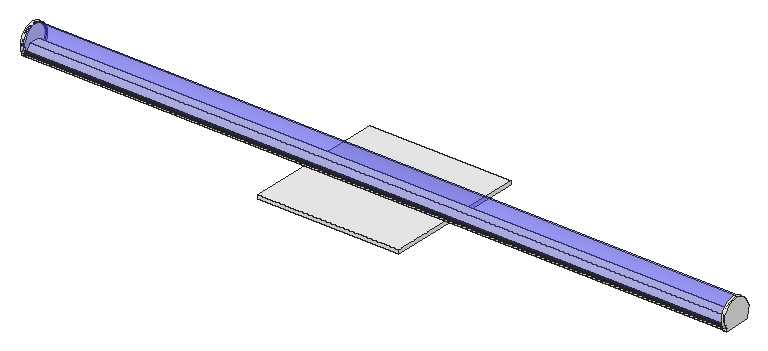
Revit family "BE_50218.1_de_DE", category Leuchten, Revit 2020
Family settings
  Basisbauteil = Fläche
  Bemaßung runder Anschluss = Durchmesser verwenden
  Teiletyp = Normal
  Beim Laden mit Abzugskörper schneiden = Ja
  Lichtquelle = Ja
  Gemeinsam genutzt = Nein
  Raumberechnungspunkt = Ja
Parameters (values of type "BEGA_50218.1_K4")
  built-in parameter 1150104 = 14.939 (stored number, unit not read)
  Wattage = 70.4 W
  Default Elevation = 0 mm
  built-in parameter 1150113 = 1 (stored number, unit not read)
  built-in parameter 1114218 = 1 (stored number, unit not read)
  Umgebungstemperatur = "25 °C"
  URL = "https://www.bega.com/de/produkt/50218.1"
  Typenkommentare = "© 2022 BEGA. Wir behalten uns das Recht vor, technische Änderungen ohne vorherige Ankündigung vorzunehmen."  # constant formula
  built-in parameter 1150134 = 12
  built-in parameter 1150109 = 1 (stored number, unit not read)
  Strom = ""
  built-in parameter 1150110 = 1 (stored number, unit not read)
  Spannung = 239.996 V
  Sonderanfertigung = no
  Seriennummer [instance] = "Hier können Sie die eindeutige Seriennummer für das Facility Management eintragen."
  Schutzklasse = "I"
  Schutzart = "IP 20"
  Scheinlast = 0 VA
  Produktdatenblatt = "https://cdn.bega.com/bega/products/50218.1K3/current/documents/data-sheets/de"
  Oberflächentemperatur = ""
  Neigungswinkel = 0.00°
  Modell = "50218.1K4"
  Material_17 = BEGA_Reflektor
  Material_15 = BEGA_Leuchtmedium_matt
  Material_14 = BEGA_Kunststoff_opal
  Material_11 = BEGA_Glas_opal
  Material_09 = BEGA_Glas_klar
  Material_06 = BEGA_Oberfläche_Edelstahl_gebürstet
  Material_05 = BEGA_Oberfläche_Aluminium Guss
  Material_03 = BEGA_Oberfläche_Weiss_matt
  Material_02 = BEGA_Oberfläche_Silber_matt
  Material_01 [instance] = BEGA_Oberfläche_Grafit_matt
  M_W = no
  M_G = no
  M_A = no
  Logo = 0
  built-in parameter 1114217 = 1 (stored number, unit not read)
  built-in parameter 1150139 = (empty or 0)
  built-in parameter 1150105 = 900.84 (stored number, unit not read)
  built-in parameter 1150114 = 1 (stored number, unit not read)
  Lumens = 11320.3 lm
  built-in parameter 1150115 = 1 (stored number, unit not read)
  Leuchtenlichtstrom = "9735 lm"
  Leuchtenanzahl = ""
  Lebensdauerkriterien = "L70B50 @ 25 °C = 200000 h"
  Lastklassifizierung = Beleuchtung
  built-in parameter 1150112 = 1 (stored number, unit not read)
  Lampenlichtstrom = "11320 lm"
  Lampe = "LED 70.4 W"
  LED_Modulbezeichnung = "8x LED-0694/940"
  Hersteller = "BEGA"  # constant formula
  Halbstreuwinkel = ""
  Gewicht = "5.0 kg"
  Gebrauchslageneinschränkung [instance] = ""
  Frequenz = "0/50-60 Hz"
  Farbwiedergabeindex = "CRI > 90"
  Farbtemperaturverschiebung bei Dämpfen der Lampe = <Keine Auswahl>
  Farbtemperatur = "4000 K"
  Color Filter = 16777215
  built-in parameter 1150133 = 10 (stored number, unit not read)
  Energieeffizienzklasse = "LED A++ - A"
  built-in parameter 1150137 = (empty or 0)
  built-in parameter 1150132 = (empty or 0)
  ENEC = "ja"
  Dimmbar [instance] = "DALI"
  Datei für fotometrisches Netz = "BE_50218.1K4.IES"
  CE_Konformität = "ja"
  Bestellnummer = "50218.1K4"
  Beschreibung_Sonderanfertigung = "Hier können Sie Informationen zur Sonderanfertigung eintragen."
  Beschreibung = "Decken- und Wandleuchte"
  built-in parameter 1150106 = 9.0084 (stored number, unit not read)
  Befestigungsbohrung = "Ø 5,5 mm"
  Befestigungsabstand = ""
  Ballwurfsicher = ""
  BEGA_Intern_aus = yes
  BEGA_Intern_an = yes
  BEGA_Intern_Konstruktion = yes
  BEGA_Intern = yes
  BEGA_IES = yes
  BEGA_Dummy = no
  Anschlussleitung = ""
  Anschlussleistung [instance] = "80 W"
  Anschlusskasten = ""
  built-in parameter 1150107 = 4000 (stored number, unit not read)
  built-in parameter 1150102 = (empty or 0)
  built-in parameter 1150138 = (empty or 0)
  Aktualisierung = "2022-05-19T04:00:07"
  Abstand_zur_angestrahlten_Fläche [instance] = ""
  AC/DC = "AC/DC"
Types (2, lengths in mm): name | built-in parameter 1150104 | built-in parameter 1150134 | Modell | built-in parameter 1150105 | Lumens | Leuchtenlichtstrom | Lampenlichtstrom | LED_Modulbezeichnung | Farbtemperatur | Datei für fotometrisches Netz | Bestellnummer | built-in parameter 1150106 | built-in parameter 1150107
  BEGA_50218.1_K3 | 14.465 (stored number, unit not read) | (empty or 0) | "50218.1K3" | 872.27 (stored number, unit not read) | 10961.3 lm | "9425 lm" | "10960 lm" | "8x LED-0694/930" | "3000 K" | "BE_50218.1K3.IES" | "50218.1K3" | 8.7227 (stored number, unit not read) | 3000 (stored number, unit not read)
  BEGA_50218.1_K4 | 14.939 (stored number, unit not read) | 12 | "50218.1K4" | 900.84 (stored number, unit not read) | 11320.3 lm | "9735 lm" | "11320 lm" | "8x LED-0694/940" | "4000 K" | "BE_50218.1K4.IES" | "50218.1K4" | 9.0084 (stored number, unit not read) | 4000 (stored number, unit not read)
Reference planes
  plane 1 "Mitte (Vorne/Hinten)": y = 0
  plane 2: z = 0
  plane 3 "Mitte (Links/Rechts)": x = 0
  plane 4 "Links": x = -1005
  plane 5 "Rechts": x = 1005
  plane 6 "Unten": y = -41.921
  plane 7 "Oben": y = 41.921
  plane 8 "Vorne": z = 71.071
  plane 9 "Hinten": z = 0
Forms (mm)
  Extrusion 1, solid, material "BEGA_Platte_Weiss"
    sketch origin (0, -1119.2, 0) x (1, 0, 0) y (0, 1, 0)
      loop
        line (-200, 1319.2) -> (-200, 919.2) -> (200, 919.2) -> (200, 1319.2) -> (-200, 1319.2)
    from 0 to -10
  Extrusion 2, solid, material "BEGA_Dummy_matt", visible <- "BEGA_Dummy"
    sketch origin (80.095, -76.023, 0) x (1, 0, 0) y (0, 1, 0)
      loop
        line (-1085.095, 117.944) -> (-1085.095, 34.102) -> (924.905, 34.102) -> (924.905, 117.944) -> (-1085.095, 117.944)
    from 0 to 71.071
Dimensions and locks
  plane 1 "Mitte (Vorne/Hinten)" to Extrusion 1 = 200 mm
  aligned and locked: plane 2 to Extrusion 1
  aligned and locked: level to Extrusion 1
Nested families
  nested 1: "BE_50218.1" at (0, 0, 0), type "BE_50218.1"
Connectors
  electrical at (0, 0, 0), driven by "Lastklassifizierung", driven by "Spannung", driven by "Scheinlast"
    settings: index 1, voltage 239.996 V, apparent load 0 VA, apparent load phase1 0 VA, apparent load phase2 0 VA, apparent load phase3 0 VA, power factor 1, load classification "Beleuchtung", number of poles 1, system type 31, power factor state 1, is connector primary yes, connector utility no, sub classification motor no, connector description ""
Definition of nested family "BE_50218.1"
  Parameters (values of type "BE_50218.1")
    Default Elevation = 1 mm
    URL = "http://www.bega.de/de/produkt"
    Type Comments = "© 2015 BEGA. Wir behalten uns das Recht vor, technische Änderungen ohne vorherige Ankündigung vorzunehmen. "  # constant formula
    Type Image = (empty or 0)
    Neigungswinkel_um_Z2 = 0.00°
    Neigungswinkel_um_Z1 = 0.00°
    Neigungswinkel_um_Y2 = 0.00°
    Neigungswinkel_um_Y1 = 0.00°
    Neigungswinkel_um_X2 = 0.00°
    Neigungswinkel_um_X1 = 0.00°
    Material_17 = none
    Material_15 = none
    Material_14 = none
    Material_11 = none
    Material_09 = none
    Material_06 = none
    Material_05 = none
    Material_03 = none
    Material_02 = none
    Material_01 = none
    M_W = yes
    M_G = yes
    M_A = yes
    Länge_Platte = 2200 mm  # constant formula
    Höhe_Platte = -10 mm  # constant formula
    Manufacturer = "BEGA"  # constant formula
    Drehwinkel_um_Z2 = 0.00°
    Drehwinkel_um_Z1 = 0.00°
    Breite_Platte = 200 mm  # constant formula
  Reference planes
    plane 1 "Mitte (Oben/Unten)": y = 0
    plane 2: z = 0
    plane 3 "Mitte (Links/Rechts)": x = 0
    plane 4: z = 71.071
    plane 5: y = 41.921
    plane 6: y = -41.921
    plane 7: x = -1005
    plane 8: x = 1005
  Forms (mm)
    Extrusion 1, solid, detail levels medium
      sketch origin (0, 0, 0) x (1, 0, 0) y (0, 1, 0)
        loop
          line (-1100, 100) -> (-1100, -100) -> (1100, -100) -> (1100, 100) -> (-1100, 100)
      from 0 to -10 <- "Höhe_Platte"
    Extrusion 2, solid, material <- "Material_03", detail levels medium+fine
      sketch origin (0, 0, 0) x (0, 1, 0) y (0, 0, 1)
        loop
          line (29.5, 1.05) -> (33.5, 1.05)
          arc (33.5, 1.05) -> (33.854, 1.196) -> (34, 1.55) r 0.5
          line (34, 1.55) -> (34.005, 6.55)
          arc (34.005, 6.55) -> (33.854, 6.904) -> (33.5, 7.05) r 0.5
          line (33.5, 7.05) -> (26.25, 7.05) -> (26.25, 9.05) -> (14.75, 25.75) -> (-14.75, 25.75) -> (-26.25, 9.05) -> (-26.25, 7.05) -> (-33.5, 7.05)
          arc (-33.5, 7.05) -> (-33.854, 6.904) -> (-34, 6.55) r 0.5
          line (-34, 6.55) -> (-34.005, 1.55)
          arc (-34.005, 1.55) -> (-33.854, 1.196) -> (-33.5, 1.05) r 0.5
          line (-33.5, 1.05) -> (-29.5, 1.05)
          arc (-29.5, 1.05) -> (-29.146, 1.196) -> (-29, 1.55) r 0.5
          line (-29, 1.55) -> (-29, 3.75) -> (-15.25, 3.75) -> (-15.25, 17.45) -> (15.25, 17.45) -> (15.25, 3.75) -> (29, 3.75) -> (29, 1.55)
          arc (29, 1.55) -> (29.146, 1.196) -> (29.5, 1.05) r 0.5
      from -1000.697 to 1000.697
    Extrusion 3, solid, material <- "Material_03", detail levels medium+fine
      sketch origin (-700, 0, 0) x (0, 1, 0) y (0, 0, -1)
        loop
          line (35.921, -1.279) -> (-35.921, -1.281) -> (-35.921, -7.539)
          arc (-35.921, -7.539) -> (0, -71.071) -> (35.921, -7.539) r 41.921
          line (35.921, -7.539) -> (35.921, -1.279)
      from 295.131 to 305
    Extrusion 4, void
      sketch origin (-700, 0, 0) x (0, 1, 0) y (0, 0, -1)
        loop
          line (34.005, 0) -> (-34.005, 0) -> (-34.005, -8.308)
          arc (-34.005, -8.308) -> (0, -69.951) -> (34.005, -8.308) r 40.201
          line (34.005, -8.308) -> (34.005, 0)
      from 293.13 to 300.697
    Extrusion 5, solid, material <- "Material_14", detail levels medium+fine
      sketch origin (0, 0, 0) x (0, 1, 0) y (0, 0, 1)
        loop
          arc (-34.253, 8.991) -> (-33.161, 7.935) -> (-31.69, 7.55) r 3
          line (-31.69, 7.55) -> (-28.25, 7.55)
          arc (-28.25, 7.55) -> (-27.25, 8.55) -> (-28.25, 9.55) r 1
          line (-28.25, 9.55) -> (-31.69, 9.55)
          arc (-31.69, 9.55) -> (-32.179, 9.678) -> (-32.543, 10.028) r 1
          arc (-32.543, 10.028) -> (0, 67.648) -> (32.543, 10.028) r 38
          arc (32.543, 10.028) -> (32.179, 9.678) -> (31.69, 9.55) r 1
          line (31.69, 9.55) -> (28.25, 9.55)
          arc (28.25, 9.55) -> (27.25, 8.55) -> (28.25, 7.55) r 1
          line (28.25, 7.55) -> (31.69, 7.55)
          arc (31.69, 7.55) -> (33.161, 7.935) -> (34.253, 8.991) r 3
          arc (34.253, 8.991) -> (0, 69.648) -> (-34.253, 8.991) r 40
      from -1000.697 to 1000.697
    Extrusion 6, solid, material <- "Material_05", detail levels medium+fine
      sketch origin (0, 0, 0) x (1, 0, 0) y (0, 1, 0)
        loop
          line (813, 28.5) -> (787, 28.5)
          arc (787, 28.5) -> (785.586, 27.914) -> (785, 26.5) r 2
          line (785, 26.5) -> (785, -26.5)
          arc (785, -26.5) -> (785.586, -27.914) -> (787, -28.5) r 2
          line (787, -28.5) -> (813, -28.5)
          arc (813, -28.5) -> (814.414, -27.914) -> (815, -26.5) r 2
          line (815, -26.5) -> (815, 26.5)
          arc (815, 26.5) -> (814.414, 27.914) -> (813, 28.5) r 2
        loop
          arc (487, 28.5) -> (485.586, 27.914) -> (485, 26.5) r 2
          line (485, 26.5) -> (485, -26.5)
          arc (485, -26.5) -> (485.586, -27.914) -> (487, -28.5) r 2
          line (487, -28.5) -> (513, -28.5)
          arc (513, -28.5) -> (514.414, -27.914) -> (515, -26.5) r 2
          line (515, -26.5) -> (515, 26.5)
          arc (515, 26.5) -> (514.414, 27.914) -> (513, 28.5) r 2
          line (513, 28.5) -> (487, 28.5)
        loop
          arc (-813, 28.5) -> (-814.414, 27.914) -> (-815, 26.5) r 2
          line (-815, 26.5) -> (-815, -26.5)
          arc (-815, -26.5) -> (-814.414, -27.914) -> (-813, -28.5) r 2
          line (-813, -28.5) -> (-787, -28.5)
          arc (-787, -28.5) -> (-785.586, -27.914) -> (-785, -26.5) r 2
          line (-785, -26.5) -> (-785, 26.5)
          arc (-785, 26.5) -> (-785.586, 27.914) -> (-787, 28.5) r 2
          line (-787, 28.5) -> (-813, 28.5)
        loop
          line (-487, 28.5) -> (-513, 28.5)
          arc (-513, 28.5) -> (-514.414, 27.914) -> (-515, 26.5) r 2
          line (-515, 26.5) -> (-515, -26.5)
          arc (-515, -26.5) -> (-514.414, -27.914) -> (-513, -28.5) r 2
          line (-513, -28.5) -> (-487, -28.5)
          arc (-487, -28.5) -> (-485.586, -27.914) -> (-485, -26.5) r 2
          line (-485, -26.5) -> (-485, 26.5)
          arc (-485, 26.5) -> (-485.586, 27.914) -> (-487, 28.5) r 2
      from 1.55 to 5
    Extrusion 7, solid, material <- "Material_05", detail levels medium+fine
      sketch origin (0, 0, 0) x (1, 0, 0) y (0, 1, 0)
        loop
          circle (-810.5, 24) r 2
        loop
          circle (-810.5, -24) r 2
        loop
          circle (-789.5, -24) r 2
        loop
          circle (-789.5, 24) r 2
        loop
          circle (-510.5, 24) r 2
        loop
          circle (-510.5, -24) r 2
        loop
          circle (-489.5, -24) r 2
        loop
          circle (-489.5, 24) r 2
        loop
          circle (810.5, 24) r 2
        loop
          circle (810.5, -24) r 2
        loop
          circle (789.5, -24) r 2
        loop
          circle (789.5, 24) r 2
        loop
          circle (510.5, 24) r 2
        loop
          circle (510.5, -24) r 2
        loop
          circle (489.5, -24) r 2
        loop
          circle (489.5, 24) r 2
      from 0 to 3.55
    Extrusion 8, void
      sketch origin (0, 0, 0) x (1, 0, 0) y (0, 1, 0)
        loop
          arc (802.75, 3.25) -> (800, 6) -> (797.25, 3.25) r 2.75
          line (797.25, 3.25) -> (797.25, -3.25)
          arc (797.25, -3.25) -> (800, -6) -> (802.75, -3.25) r 2.75
          line (802.75, -3.25) -> (802.75, 3.25)
        loop
          arc (-796.75, -2.75) -> (-794, 0) -> (-796.75, 2.75) r 2.75
          line (-796.75, 2.75) -> (-803.25, 2.75)
          arc (-803.25, 2.75) -> (-806, 0) -> (-803.25, -2.75) r 2.75
          line (-803.25, -2.75) -> (-796.75, -2.75)
        loop
          arc (502.75, 3.25) -> (500, 6) -> (497.25, 3.25) r 2.75
          line (497.25, 3.25) -> (497.25, -3.25)
          arc (497.25, -3.25) -> (500, -6) -> (502.75, -3.25) r 2.75
          line (502.75, -3.25) -> (502.75, 3.25)
        loop
          arc (-496.75, -2.75) -> (-494, 0) -> (-496.75, 2.75) r 2.75
          line (-496.75, 2.75) -> (-503.25, 2.75)
          arc (-503.25, 2.75) -> (-506, 0) -> (-503.25, -2.75) r 2.75
          line (-503.25, -2.75) -> (-496.75, -2.75)
      from 0 to 7
    Revolve 9, void
      sketch origin (-499.664, 0, 0) x (1, 0, 0) y (0, 0, 1)
        loop
          line (-501.9, 32.745) -> (-505.336, 36.181) -> (-505.336, 29.75) -> (-501.9, 29.75) -> (-501.9, 32.745)
        axis (-501.9, 29.75) -> (-505.336, 29.75)
      angle from 0 to 360
    Revolve 10, solid, material <- "Material_06", detail levels fine
      sketch origin (-499.664, 0, 0) x (1, 0, 0) y (0, 0, 1)
        loop
          line (-504.671, 29.75) -> (-501.9, 29.75) -> (-501.9, 32.329) -> (-504.671, 35.1) -> (-504.671, 29.75)
        axis (-501.9, 29.75) -> (-504.671, 29.75)
      angle from 0 to 360
    Extrusion 11, solid, material <- "Material_03", detail levels medium+fine
      sketch origin (700, 0, 0) x (0, 1, 0) y (0, 0, 1)
        loop
          line (35.921, 1.279) -> (35.921, 7.539)
          arc (35.921, 7.539) -> (0, 71.071) -> (-35.921, 7.539) r 41.921
          line (-35.921, 7.539) -> (-35.921, 1.281) -> (35.921, 1.279)
      from 295.131 to 305
    Extrusion 12, void
      sketch origin (700, 0, 0) x (0, 1, 0) y (0, 0, 1)
        loop
          line (34.005, 0) -> (34.005, 8.308)
          arc (34.005, 8.308) -> (0, 69.951) -> (-34.005, 8.308) r 40.201
          line (-34.005, 8.308) -> (-34.005, 0) -> (34.005, 0)
      from 293.13 to 300.697
  Cuts and joins
    Extrusion 4, Revolve 9, Extrusion 12 cuts Extrusion 3
    Extrusion 12 cuts Extrusion 11
    joined: Extrusion 3, Extrusion 11
    Extrusion 8 cuts Extrusion 6
    Extrusion 8 cuts Extrusion 7
    joined: Extrusion 6, Extrusion 7
    Extrusion 8, Revolve 9 cuts Extrusion 2
    Extrusion 8 cuts Extrusion 5
  Dimensions and locks
    equal spacing: Extrusion 1 sketch curve, plane 3 "Mitte (Links/Rechts)", Extrusion 1 sketch curve
    equal spacing: Extrusion 1 sketch curve, plane 1 "Mitte (Oben/Unten)", Extrusion 1 sketch curve
    "Länge_Platte": Extrusion 1 sketch curve to Extrusion 1 sketch curve
    "Breite_Platte": Extrusion 1 sketch curve to Extrusion 1 sketch curve
    aligned and locked: Extrusion 1 to plane 2
    aligned and locked: level to Extrusion 1
  Automatic sketch dimensions
    level to Extrusion 2 sketch curve = 1.55 mm  (x2)
    Extrusion 2 sketch curve to plane 6 = 8.421 mm
    Extrusion 2 sketch curve to Extrusion 2 sketch curve = 0 mm  (x5)
    level to Extrusion 2 sketch curve = 1.05 mm
    Extrusion 2 sketch curve to Extrusion 2 sketch curve = 4 mm  (x2)
    Extrusion 2 sketch curve to Extrusion 2 sketch curve = 0.5 mm  (x6)
    Extrusion 2 sketch curve to Extrusion 2 sketch curve = 2.75 mm  (x2)
    Extrusion 2 sketch curve to Extrusion 2 sketch curve = 11 mm  (x2)
    Extrusion 2 sketch curve to plane 1 "Mitte (Oben/Unten)" = 14.75 mm
    Extrusion 2 sketch curve to Extrusion 2 sketch curve = 4.5 mm
    Extrusion 2 sketch curve to Extrusion 2 sketch curve = 2.2 mm  (x2)
    Extrusion 2 sketch curve to Extrusion 2 sketch curve = 5 mm  (x2)
    Extrusion 2 sketch curve to Extrusion 2 sketch curve = 3.3 mm
    Extrusion 2 sketch curve to Extrusion 2 sketch curve = 2 mm  (x2)
    Extrusion 2 sketch curve to Extrusion 2 sketch curve = 13.7 mm
    Extrusion 2 sketch curve to Extrusion 2 sketch curve = 8.3 mm
    Extrusion 2 sketch curve to Extrusion 2 sketch curve = 0.005 mm  (x2)
    Extrusion 3 sketch curve to plane 1 "Mitte (Oben/Unten)" = 0 mm
    level to Extrusion 3 sketch curve = 1.281 mm
    Extrusion 3 sketch curve to plane 6 = 6 mm
    level to Extrusion 3 sketch curve = 1.279 mm
    Extrusion 3 sketch curve to plane 5 = 6 mm
    Extrusion 3 sketch curve to Extrusion 3 sketch curve = 6.26 mm
    level to Extrusion 3 sketch curve = 29.15 mm
    Extrusion 4 sketch curve to level = 0 mm
    Extrusion 4 sketch curve to plane 1 "Mitte (Oben/Unten)" = 0 mm
    Extrusion 4 sketch curve to plane 6 = 7.916 mm
    Extrusion 4 sketch curve to plane 5 = 7.916 mm
    Extrusion 4 sketch curve to Extrusion 4 sketch curve = 8.308 mm
    level to Extrusion 4 sketch curve = 29.75 mm
    Extrusion 5 sketch curve to Extrusion 5 sketch curve = 0 mm  (x6)
    Extrusion 5 sketch curve to plane 1 "Mitte (Oben/Unten)" = 0 mm
    Extrusion 5 sketch curve to plane 6 = 13.671 mm
    Extrusion 5 sketch curve to Extrusion 5 sketch curve = 3.44 mm  (x2)
    level to Extrusion 5 sketch curve = 8.55 mm  (x2)
    Extrusion 5 sketch curve to plane 5 = 13.671 mm
    Extrusion 5 sketch curve to Extrusion 5 sketch curve = 1 mm  (x4)
    level to Extrusion 5 sketch curve = 29.648 mm
    Extrusion 5 sketch curve to Extrusion 5 sketch curve = 0.853 mm
    Extrusion 5 sketch curve to Extrusion 5 sketch curve = 1.71 mm
    plane 4 to Revolve 9 sketch curve = 34.89 mm
    Revolve 9 sketch curve to Revolve 9 sketch curve = 3.436 mm  (x2)
    Revolve 9 sketch curve to Revolve 9 sketch curve = 2.995 mm
    Revolve 9 sketch curve to Revolve 9 sketch curve = 0.405 mm
    Revolve 9 sketch curve to Revolve 9 sketch curve = 0.92 mm
    Revolve 9 sketch curve to Revolve 9 sketch curve = 0 mm
    level to Revolve 10 sketch curve = 35.1 mm
    Revolve 10 sketch curve to Revolve 10 sketch curve = 2.771 mm  (x2)
    Revolve 10 sketch curve to Revolve 10 sketch curve = 2.579 mm
    Revolve 10 sketch curve to Revolve 10 sketch curve = 2.103 mm
    Revolve 10 sketch curve to Revolve 10 sketch curve = 0 mm  (x2)
    Extrusion 11 sketch curve to plane 1 "Mitte (Oben/Unten)" = 0 mm
    level to Extrusion 11 sketch curve = 1.281 mm
    Extrusion 11 sketch curve to plane 6 = 6 mm
    level to Extrusion 11 sketch curve = 1.279 mm
    Extrusion 11 sketch curve to plane 5 = 6 mm
    Extrusion 11 sketch curve to Extrusion 11 sketch curve = 6.26 mm
    level to Extrusion 11 sketch curve = 29.15 mm
    Extrusion 12 sketch curve to level = 0 mm
    Extrusion 12 sketch curve to plane 1 "Mitte (Oben/Unten)" = 0 mm
    Extrusion 12 sketch curve to plane 6 = 7.916 mm
    Extrusion 12 sketch curve to plane 5 = 7.916 mm
    Extrusion 12 sketch curve to Extrusion 12 sketch curve = 8.308 mm
    level to Extrusion 12 sketch curve = 29.75 mm
    Revolve 9 sketch curve to plane 3 "Mitte (Links/Rechts)" = 1005 mm
    Revolve 10 sketch curve to plane 3 "Mitte (Links/Rechts)" = 1004.334 mm
    Extrusion 6 sketch curve to plane 6 = 15.421 mm  (x3)
    Extrusion 6 sketch curve to Extrusion 6 sketch curve = 2 mm  (x12)
    Extrusion 6 sketch curve to Extrusion 6 sketch curve = 26 mm  (x8)
    Extrusion 6 sketch curve to plane 5 = 13.421 mm
    Extrusion 6 sketch curve to plane 5 = 15.421 mm  (x3)
    Extrusion 6 sketch curve to plane 6 = 13.421 mm
    Extrusion 8 sketch curve to plane 1 "Mitte (Oben/Unten)" = 2.75 mm  (x2)
    Extrusion 8 sketch curve to Extrusion 8 sketch curve = 6.5 mm  (x2)
    plane 1 "Mitte (Oben/Unten)" to Extrusion 8 sketch curve = 2.75 mm  (x2)
    plane 1 "Mitte (Oben/Unten)" to Extrusion 8 sketch curve = 3.25 mm  (x2)
    plane 3 "Mitte (Links/Rechts)" to Extrusion 8 sketch curve = 497.25 mm
    Extrusion 8 sketch curve to Extrusion 8 sketch curve = 2.75 mm  (x2)
    Extrusion 8 sketch curve to plane 1 "Mitte (Oben/Unten)" = 3.25 mm  (x2)
    Extrusion 7 sketch curve to plane 6 = 17.921 mm  (x8)
    Extrusion 7 sketch curve to plane 5 = 17.921 mm  (x8)
    Extrusion 7 sketch curve to Extrusion 7 sketch curve = 0 mm  (x4)
    Extrusion 7 sketch curve to Extrusion 7 sketch curve = 21 mm  (x8)
    Extrusion 6 sketch curve to plane 3 "Mitte (Links/Rechts)" = 485 mm
    plane 7 to Extrusion 6 sketch curve = 220 mm
    Extrusion 7 sketch curve to plane 3 "Mitte (Links/Rechts)" = 489.5 mm
    plane 7 to Extrusion 7 sketch curve = 215.5 mm
    Extrusion 8 sketch curve to plane 3 "Mitte (Links/Rechts)" = 496.75 mm
    plane 7 to Extrusion 8 sketch curve = 208.25 mm
    plane 3 "Mitte (Links/Rechts)" to Extrusion 6 sketch curve = 485 mm
    Extrusion 6 sketch curve to plane 8 = 220 mm
    plane 3 "Mitte (Links/Rechts)" to Extrusion 7 sketch curve = 489.5 mm
    Extrusion 7 sketch curve to plane 8 = 215.5 mm
    Extrusion 8 sketch curve to plane 8 = 207.75 mm
    radius of Extrusion 7 sketch curve = 2 mm  (x16)
